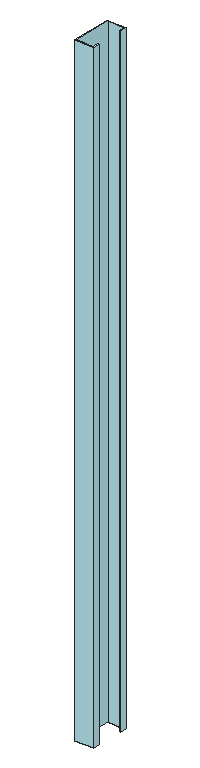
Revit family "lg65x30x10x1-6", category 機械設備, Revit 2022
Family settings
  丸型コネクタ寸法 = 直径を使用
  種別 = なし
  パーツ タイプ = 標準
  作業面ベース = いいえ
  常に垂直 = はい
  ロード時にボイドで切り取り = いいえ
  注釈の向きを維持 = いいえ
  共有 = いいえ
  部屋計算ポイント = いいえ
Parameters
  製造元 = "株式会社桐井製作所"
  既定の高さ = 0 mm
  URL = "https://www.kirii.co.jp/"
  K_長さ(mm) [instance] = 1000 mm
  K_材質 = "SSC400"
  K_外形寸法(mm) = "65×30×10×1.6"
  K_品名 = "(JIS)65×30×10×1.6"
  K_名称 = "補強材"
  K_単位質量(kg/m) = 1.718
  K_バージョン情報 = "20210524"
  K_めっき付着量 = "Z12"
  K_JIS規格 = "JIS G 3350"
Reference planes
  plane 1 "中心(正面/背面)": y = 0
  plane 2: z = 0
  plane 3 "中心(左/右)": x = 0
  plane 4: z = 1000
  plane 5: y = 65
Forms (mm)
  Extrusion 1, solid
    sketch origin (0, 0, 0) x (1, 0, 0) y (0, 1, 0)
      loop
        line (0, 0) -> (30, 0) -> (30, 10) -> (28.4, 10) -> (28.4, 1.6) -> (1.6, 1.6) -> (1.6, 63.4) -> (28.4, 63.4) -> (28.4, 55) -> (30, 55) -> (30, 65) -> (0, 65) -> (0, 0)
    from 0 to 1000
Dimensions and locks
  "K_長さ(mm)": plane 4 to plane 2
  aligned and locked: level to plane 2
  aligned and locked: plane 4 to Extrusion 1
Automatic sketch dimensions
  Extrusion 1 sketch curve to plane 3 "中心(左/右)" = 0 mm
  plane 1 "中心(正面/背面)" to Extrusion 1 sketch curve = 0 mm
  plane 3 "中心(左/右)" to Extrusion 1 sketch curve = 1.6 mm
  Extrusion 1 sketch curve to plane 1 "中心(正面/背面)" = 10 mm
  Extrusion 1 sketch curve to Extrusion 1 sketch curve = 26.8 mm  (x2)
  Extrusion 1 sketch curve to Extrusion 1 sketch curve = 1.6 mm  (x3)
  Extrusion 1 sketch curve to plane 1 "中心(正面/背面)" = 1.6 mm
  Extrusion 1 sketch curve to Extrusion 1 sketch curve = 45 mm
  Extrusion 1 sketch curve to Extrusion 1 sketch curve = 8.4 mm
